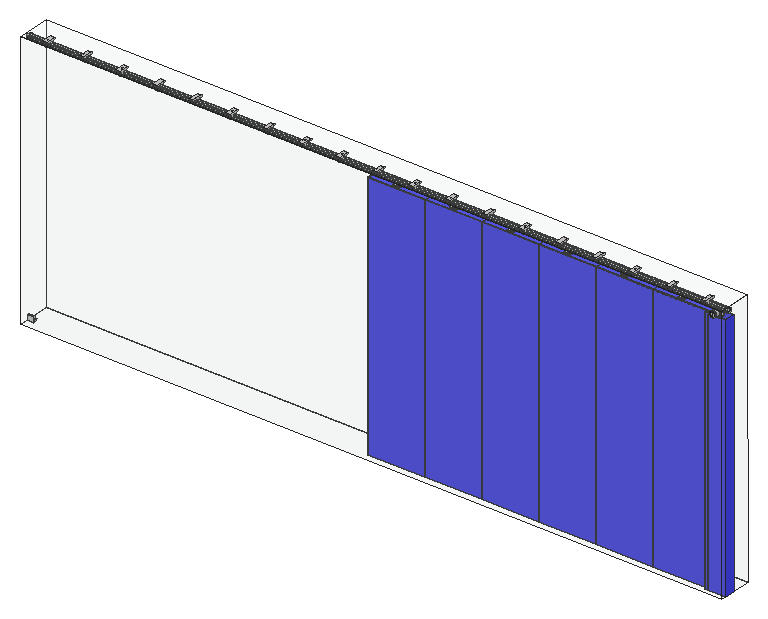
Revit family "Somati-System_SGS_Horizontal-fire-sliding-door_9050_ceiling_EI120_W-to-H-higher-than-1,3", category Doors, host Wall, Revit 2018
Family settings
  Host = Wall
  OmniClass Number = 23.30.10.00
  OmniClass Title = Doors
  Always vertical = Yes
  Cut with Voids When Loaded = No
  Shared = No
  Room Calculation Point = No
Parameters (values of type "EI 120")
  Youtube clip = "https://www.youtube.com/watch?v=pRjbxBvixFY&feature=emb_logo"
  Wing top offset [instance] = 136 mm  # constant formula
  Wing thickness = 81.2 mm
  Wing access (D) [instance] = [Width (W)] + 200 mm  # 5700 mm
  Width (W) [instance] = 5500 mm
  Weight Net (Kg) = "0"
  Uniformat II Description = ""
  Uniformat II Code = ""
  Uniclass 2015 Name = ""
  Uniclass 2015 Code = ""
  Uniclass 2.0 Description = ""
  Uniclass 2.0 Code = ""
  Uniclass 1.4 Description = ""
  Uniclass 1.4 Code = ""
  UNSPSC Code = ""
  Total height (Z) [instance] = Height Control + 302 mm  # 4302 mm
  Thickness = 0 mm
  Technical description = "https://somati-system.pl/en/download/sgs-download-en/"
  Region South America = "None"
  Region Oceania = "None"
  Region North America = "None"
  Region Middle East = "None"
  Region Europe = "AD, AL, AT, AX, BA, BE, BG, BY, CH, CY, CZ, DE, DK, EE, ES, FI, FO, FR, GB, GG, GI, GR, HR, HU, IE, IM, IS, IT, JE, LI, LT, LU, LV, MC, MD, ME, MK, MT, NL, NO, PL, PT, RO, RS, RU, SE, SI, SJ, SK, SM, UA, VA"
  Region Asia = "None"
  Region Antarctica = "None"
  Region Africa = "None"
  Rail and assembly materials [instance] = Somati - Stainless Steel - 7035
  QR code = "http://bimobject.com/somati-system/product/SGS_HORIZONTAL_FIRE_SLIDING_DOOR"
  Product url = "https://somati-system.pl/en/products/sgs-horizontal-fire-sliding-doors/"
  Product group = "SGS"
  Product family = "SGS"
  Product data url = "https://bimobject.com/somati-system/product/SGS_HORIZONTAL_FIRE_SLIDING_DOOR"
  Product certification = ""
  Product SKU = "SGS_HORIZONTAL_FIRE_SLIDING_DOOR"
  Product Guid = "8235eb12-0acf-4b60-9ca9-7613396e8d01"
  Power supply of control panel = "230V/50Hz/6A"  # constant formula
  Panel width [instance] = ([Width (W)] + 205 mm) / Number of panels in wing  # 950.833 mm
  Panel material = Somati - Stainless Steel - Custom
  Panel height [instance] = Height Control + Wing top offset  # 4136 mm
  OmniClass Description = ""
  OmniClass Code = ""
  Offset Right [instance] = [Counterweight housing (A2)]  # 360 mm
  Offset Left [instance] = [Counterweight housing (A2)]  # 360 mm
  Number of panels in wing [instance] = roundup([Width (W)] / 1000 mm)  # 6
  Number of hangers [instance] = ([Guide rail length (K)] - 210 mm) / 600 mm  # 19
  Nominal width = 0 mm
  Nominal height = 0 mm
  NBS Reference Description = ""
  NBS Reference Code = ""
  Model = "SGS"  # constant formula
  Max number of opening cycles = 50000  # constant formula
  Material secondary = "Composite"
  Material main = "Steel"
  Masterformat 2014 Description = ""
  Masterformat 2014 Code = ""
  Manufacturer name = "Somati System"
  Manufacturer country = "Poland"
  Manufacturer = "Somati System"  # constant formula
  Installation instructions = ""
  IFC Classification = ""
  Height Control [instance] = if([Height (H)] < 3501 mm, 3501 mm, [Height (H)])  # 4000 mm
  Height (H) [instance] = 4000 mm
  Guide rail lower edge (B1) [instance] = Height Control + 170 mm  # 4170 mm
  Guide rail length (K) [instance] = [Wing access (D)] + [Width (W)] + [Counterweight housing (A2)]  # 11560 mm
  Gate Control type = "Electromagnetic brake"  # constant formula
  GTIN code = ""
  Function = Interior
  Height = 2000 mm
  Wall Closure = By host
  Width = 1000 mm
  Fire resistance = "EI 60, EI 120 n"  # constant formula
  Edition number = 1
  Design country = "Poland"
  Date of publishing = ""
  Counterweight housing (A2) [instance] = if([Width (W)] / Height Control > 1.3, 360 mm, 210 mm)  # 360 mm
  Console mounting axis (B2) [instance] = if(Height Control > 3500 mm, Height Control + 239 mm, Height Control + 179 mm)  # 4239 mm
  Clearance Area Visibility [instance] = yes
  COBIe Type Category = ""
  Buffer (A1) [instance] = [Wing access (D)] + 130 mm  # 5830 mm
  Brand url = ""
  BIMobject main category code = "doors"
  BIMobject main category = "Doors"
  BIMobject category code = "doors-fire"
  BIMobject category = "Fire Doors & Shutters"
  Available surface fnish = "Galvanized Stainless Steel PVC, MDF, HDF, laminate or veneer, STANDARD RAL 7035, 9002, 9006, 9010, and powder coating of whole RAL pallet"  # constant formula
Reference planes
  plane 1: y = 0
  plane 2 "Center (Left/Right)": x = 0
  plane 3 "Left": x = -2750
  plane 4 "Right": x = 2750
  plane 5 "Cutout height": z = 4000
  plane 6 "Exterior": y = 150
  plane 7 "Interior": y = -150
  plane 8 "Consoles mounting axis": z = 4239
  plane 9 "Total height top": z = 4302
  plane 10 "Guide rail bottom": z = 4170
  plane 11 "Wing access": x = -8450
  plane 12 "Buffer placement": x = -8580
  plane 13 "Counterweight housing": x = 3110
  plane 14 "Handle": z = 1050
  plane 15 "Wing end left": x = -2895
  plane 16 "Wing end top": z = 4136
  plane 17 "Wing end right": x = 2810
  plane 18: y = -324
  plane 19 "Wing axis": y = -237.5
  plane 20: y = -75
  plane 21 "aaa": y = -196.9
  plane 22: y = -278.1
  plane 23: x = -2897
  plane 24 "end of hangers": x = -8240
  plane 25: x = -1040
  plane 26: x = -2795
  plane 27: y = -303.1
  plane 28: y = -159.9
  plane 29: x = -8764.5
  plane 30: x = 3110
  plane 31: z = 4202
  plane 32: x = 2960
  plane 33: y = -406.482
Forms (mm)
  Sweep 1, solid
    path origin (0, -150, 0) x (1, 0, 0) y (0, 0, 1)
      loop
        line (-2750, 0) -> (-2750, 3982) -> (2750, 3982)
    profile origin (-2750, -150, 1991) x (-1, 0, 0) y (0, -1, 0)
      loop
        line (5, 33) -> (5, 4)
        arc (5, 4) -> (6.172, 1.172) -> (9, 0) r 4
        line (9, 0) -> (107.587, 0)
        arc (107.587, 0) -> (110.415, 1.172) -> (111.587, 4) r 4
        line (111.587, 4) -> (111.587, 29)
        arc (111.587, 29) -> (112.173, 30.414) -> (113.587, 31) r 2
        line (113.587, 31) -> (134.587, 31) -> (134.587, 33) -> (5, 33)
  Sweep 2, solid, material "Somati - Stainless Steel - Custom" <- "Panel material"
    path origin (0, -150, 0) x (1, 0, 0) y (0, 0, 1)
      loop
        line (-2895, 4136) -> (-2895, 0)
    profile origin (-2895, -150, 2068) x (0, -1, 0) y (1, 0, 0)
      loop
        arc (9.9, 2) -> (11.072, -0.828) -> (13.9, -2) r 4
        line (13.9, -2) -> (126.1, -2)
        arc (126.1, -2) -> (128.928, -0.828) -> (130.1, 2) r 4
        line (130.1, 2) -> (130.1, 13) -> (128.1, 13) -> (128.1, 2)
        arc (128.1, 2) -> (127.514, 0.586) -> (126.1, 0) r 2
        line (126.1, 0) -> (13.9, 0)
        arc (13.9, 0) -> (12.486, 0.586) -> (11.9, 2) r 2
        line (11.9, 2) -> (11.9, 23) -> (9.9, 23) -> (9.9, 2)
  Sweep 3, solid, material "Somati - Stainless Steel - Custom" <- "Panel material"
    path origin (0, -150, 0) x (1, 0, 0) y (0, 0, 1)
      loop
        line (-2897, 4136) -> (2810, 4136)
    profile origin (-43.5, -150, 4136) x (0, 0, 1) y (0, -1, 0)
      loop
        line (-23, 19.5) -> (-23, 17.5) -> (-2, 17.5)
        arc (-2, 17.5) -> (0.828, 18.672) -> (2, 21.5) r 4
        line (2, 21.5) -> (2, 117.5) -> (0, 117.5) -> (0, 21.5)
        arc (0, 21.5) -> (-0.586, 20.086) -> (-2, 19.5) r 2
        line (-2, 19.5) -> (-23, 19.5)
  Sweep 4, solid, material "Somati - Stainless Steel - Custom" <- "Panel material"
    path origin (0, -150, 0) x (1, 0, 0) y (0, 0, 1)
      loop
        line (3110, 4136) -> (3110, 0)
    profile origin (3110, -150, 2068) x (0, -1, 0) y (1, 0, 0)
      loop
        line (174, -348) -> (174, 0) -> (0, 0) -> (0, -351) -> (33, -351) -> (33, -302) -> (137, -302) -> (137, -348) -> (174, -348)
      loop
        line (2, -300) -> (140, -300) -> (140, -345) -> (170, -345) -> (170, -3) -> (2, -3) -> (2, -300)
  Sweep 5, solid, material "Somati - Stainless Steel - 7035" <- "Rail and assembly materials"
    path origin (0, -150, -4.5) x (1, 0, 0) y (0, 0, 1)
      loop
        line (-8580, 4170) -> (3110, 4170)
    profile origin (-2735, -150, 4165.5) x (0, 0, 1) y (0, -1, 0)
      loop
        line (102.5, 57.25) -> (79.893, 57.25) -> (54.812, 63.938) -> (52.5, 66.25) -> (52.5, 77.75) -> (49.5, 77.75) -> (49.5, 67.628)
        arc (49.5, 67.628) -> (50.949, 63.363) -> (54.696, 60.864) r 7
        line (54.696, 60.864) -> (78.614, 54.486)
        arc (78.614, 54.486) -> (79.508, 54.309) -> (80.417, 54.25) r 7
        line (80.417, 54.25) -> (102.5, 54.25)
        arc (102.5, 54.25) -> (107.45, 56.3) -> (109.5, 61.25) r 7
        line (109.5, 61.25) -> (109.5, 112.25)
        arc (109.5, 112.25) -> (107.45, 117.2) -> (102.5, 119.25) r 7
        line (102.5, 119.25) -> (80.417, 119.25)
        arc (80.417, 119.25) -> (79.508, 119.191) -> (78.614, 119.014) r 7
        line (78.614, 119.014) -> (54.696, 112.636)
        arc (54.696, 112.636) -> (50.949, 110.137) -> (49.5, 105.872) r 7
        line (49.5, 105.872) -> (49.5, 95.75) -> (52.5, 95.75) -> (52.5, 107.25) -> (54.812, 109.562) -> (79.893, 116.25) -> (102.5, 116.25)
        arc (102.5, 116.25) -> (105.328, 115.078) -> (106.5, 112.25) r 4
        line (106.5, 112.25) -> (106.5, 61.25)
        arc (106.5, 61.25) -> (105.328, 58.422) -> (102.5, 57.25) r 4
  Extrusion 6, solid, material "Clearance Areas", visible <- "Clearance Area Visibility"
    sketch origin (-2209.467, 358.585, 220.701) x (1, 0, 0) y (0, 0, -1)
      loop
        line (-6370.533, 220.701) -> (-6370.533, -4081.299) -> (5319.467, -4081.299) -> (5319.467, 220.701) -> (-6370.533, 220.701)
    from -765.067 to -208.585
  Sweep 7, solid, material "Somati - Stainless Steel - Custom" <- "Panel material"
    path origin (0, -150, 0) x (1, 0, 0) y (0, 0, 1)
      loop
        line (2750, 0) -> (2750, 4136)
    profile origin (2750, -150, 2068) x (-1, 0, 0) y (0, -1, 0)
      loop
        line (-9, 0) -> (-9, 33) -> (-58, 33) -> (-58, 124) -> (-12, 124) -> (-12, 161) -> (-60, 161) -> (-60, 0) -> (-9, 0)
Lines and regions (mm)
  Opening 1
    outline origin (-3050, -150, 0) x (1, 0, 0) y (0, 0, 1)
      loop
        line (300, 0) -> (5800, 0) -> (5800, 4000) -> (300, 4000) -> (300, 0)
Text (mm)
  text "Exterior" at (-2295.016, 1099.543, 0), in view "Ref. Level"
  text "Exterior" at (0, 1615.38, 3698.081), in view "Left"
  text "Exterior" at (0, 1036.032, 3874.932), in view "Right"
Dimensions and locks
  equal spacing: plane 3 "Left", plane 2 "Center (Left/Right)", plane 4 "Right"
  "Width (W)": plane 3 "Left" to plane 4 "Right"
  "Height Control": plane 5 "Cutout height" to host wall
  host wall to plane 5 "Cutout height" = 4000 mm  (x2)
  locked: plane 6 "Exterior" to host wall at 0
  locked: plane 7 "Interior" to host wall
  "Total height (Z)": plane 9 "Total height top" to level
  "Console mounting axis (B2)": plane 8 "Consoles mounting axis" to level
  "Guide rail lower edge (B1)": plane 10 "Guide rail bottom" to level
  "Buffer (A1)": plane 12 "Buffer placement" to plane 3 "Left"
  "Counterweight housing (A2)": plane 4 "Right" to plane 13 "Counterweight housing"
  "Wing access (D)": plane 11 "Wing access" to plane 3 "Left"
  locked: plane 14 "Handle" to level at 1050
  equal spacing: plane 21 "aaa", plane 19 "Wing axis", plane 22
  equal spacing: group 1, group 6, group 14, group 17, group 18, group 2  (x3)
  locked: plane 4 "Right" to plane 17 "Wing end right" at 60
  "Wing top offset": plane 16 "Wing end top" to plane 5 "Cutout height"
  locked: plane 23 to plane 15 "Wing end left" at 2
  locked: Sweep 1 sketch curve to plane 5 "Cutout height" at 18
  locked: plane 24 "end of hangers" to plane 11 "Wing access" at 210
  equal spacing: group 4, group 25, group 24, group 23, group 22, group 21, group 20, group 19, group 16, group 15, group 13, group 12, group 11, group 10, group 9, group 8, group 7, group 5, group 3
  equal spacing: group 3, group 5, group 7, group 8, group 9, group 10, group 11, group 12, group 13, group 15, group 16, group 19, group 20, group 21, group 22, group 23, group 24, group 25, group 4  (x2)
  locked: plane 26 to plane 3 "Left" at 45
  locked: plane 28 to plane 21 "aaa" at 37
  locked: plane 22 to plane 27 at 25
  locked: plane 15 "Wing end left" to plane 3 "Left" at 145
  locked: Sweep 4 sketch curve to Sweep 4 sketch curve at 3
  "Offset Right": plane 4 "Right" to plane 30
  nested 4 to Sweep 5 = 3 mm
  locked: plane 19 "Wing axis" to host wall at 87.5
  locked: plane 31 to plane 16 "Wing end top" at 66
  equal spacing: plane 17 "Wing end right", plane 32, plane 30
  locked: host wall to plane 33 at 256.482
  aligned and locked: plane 3 "Left" to Opening 1 sketch curve
  aligned and locked: plane 5 "Cutout height" to Opening 1 sketch curve  (x2)
  aligned and locked: Opening 1 sketch curve to plane 4 "Right"
  aligned and locked: Opening 1 sketch curve to level
  aligned and locked: host wall to plane 1
  aligned and locked: nested 1 to plane 19 "Wing axis"
  aligned and locked: plane 15 "Wing end left" to nested 1
  aligned and locked: plane 17 "Wing end right" to nested 2
  aligned and locked: Sweep 1 sketch curve to plane 3 "Left"  (x2)
  aligned and locked: Sweep 1 sketch curve to plane 4 "Right"
  aligned and locked: level to Sweep 1 sketch curve
  aligned and locked: Sweep 2 sketch curve to plane 15 "Wing end left"
  aligned and locked: plane 16 "Wing end top" to Sweep 2 sketch curve
  aligned and locked: level to Sweep 2 sketch curve
  aligned and locked: Sweep 3 sketch curve to plane 16 "Wing end top"
  aligned and locked: Sweep 3 sketch curve to plane 23
  aligned and locked: Sweep 4 sketch curve to plane 16 "Wing end top"
  aligned and locked: plane 17 "Wing end right" to Sweep 3 sketch curve
  aligned and locked: nested 3 to plane 9 "Total height top"
  aligned and locked: nested 3 to plane 19 "Wing axis"
  aligned and locked: nested 3 to plane 4 "Right"
  aligned and locked: nested 4 to plane 24 "end of hangers"
  aligned and locked: nested 4 to plane 9 "Total height top"
  aligned and locked: plane 6 "Exterior" to Extrusion 6
  aligned and locked: plane 13 "Counterweight housing" to Extrusion 6
  aligned and locked: Extrusion 6 to plane 12 "Buffer placement"
  aligned and locked: plane 9 "Total height top" to Extrusion 6
  aligned and locked: nested 2 to plane 19 "Wing axis"
  aligned and locked: plane 19 "Wing axis" to nested 4
  aligned and locked: profile plane to Sweep 4 sketch curve
  aligned and locked: plane 17 "Wing end right" to Sweep 4 sketch curve
  aligned and locked: nested 6 to plane 19 "Wing axis"
  aligned and locked: nested 6 to plane 12 "Buffer placement"
  aligned and locked: Sweep 7 sketch curve to plane 4 "Right"
  aligned and locked: plane 16 "Wing end top" to Sweep 7 sketch curve
  aligned and locked: plane 30 to Sweep 5 sketch curve
  aligned and locked: nested 27 to plane 31
  aligned and locked: plane 19 "Wing axis" to nested 27
  aligned and locked: plane 32 to nested 27
  aligned and locked: Extrusion 6 to plane 33
  aligned and locked: plane 12 "Buffer placement" to Sweep 5 sketch curve
Automatic sketch dimensions
  Sweep 3 sketch curve to Sweep 3 sketch curve = 0 mm  (x2)
  profile plane to Sweep 3 sketch curve = 0 mm
  profile plane to Sweep 3 sketch curve = 2 mm
  Sweep 3 sketch curve to Sweep 3 sketch curve = 21 mm
  Sweep 3 sketch curve to Sweep 3 sketch curve = 2 mm
  plane 7 "Interior" to Sweep 3 sketch curve = 17.5 mm
  Sweep 3 sketch curve to Sweep 3 sketch curve = 96 mm
  Sweep 4 sketch curve to level = 0 mm
  Sweep 4 sketch curve to plane 13 "Counterweight housing" = 0 mm
  plane 7 "Interior" to Sweep 4 sketch curve = 0 mm
  plane 7 "Interior" to Sweep 4 sketch curve = 2 mm
  Sweep 4 sketch curve to Sweep 4 sketch curve = 31 mm
  Sweep 4 sketch curve to Sweep 4 sketch curve = 104 mm
  Sweep 4 sketch curve to Sweep 4 sketch curve = 3 mm  (x2)
  Sweep 4 sketch curve to Sweep 4 sketch curve = 30 mm
  Sweep 4 sketch curve to Sweep 4 sketch curve = 4 mm
  Sweep 4 sketch curve to Sweep 4 sketch curve = 2 mm
  Sweep 4 sketch curve to Sweep 4 sketch curve = 45 mm
  Sweep 4 sketch curve to Sweep 4 sketch curve = 49 mm
  Extrusion 6 sketch curve to plane 9 "Total height top" = 0 mm
  Extrusion 6 sketch curve to plane 12 "Buffer placement" = 0 mm
  Extrusion 6 sketch curve to plane 13 "Counterweight housing" = 0 mm
  Extrusion 6 sketch curve to level = 0 mm
  Sweep 7 sketch curve to plane 14 "Handle" = 1050 mm
  plane 7 "Interior" to Sweep 7 sketch curve = 0 mm
  profile plane to Sweep 7 sketch curve = 60 mm
  Sweep 7 sketch curve to Sweep 7 sketch curve = 2 mm
  profile plane to Sweep 7 sketch curve = 12 mm
  profile plane to Sweep 7 sketch curve = 9 mm
  plane 7 "Interior" to Sweep 7 sketch curve = 33 mm
  Sweep 7 sketch curve to Sweep 7 sketch curve = 91 mm
  Sweep 7 sketch curve to Sweep 7 sketch curve = 37 mm
  Sweep 5 sketch curve to plane 10 "Guide rail bottom" = 4.5 mm
  Sweep 5 sketch curve to Sweep 5 sketch curve = 0 mm  (x4)
  Sweep 5 sketch curve to profile plane = 49.5 mm  (x2)
  Sweep 5 sketch curve to Sweep 5 sketch curve = 3 mm  (x3)
  Sweep 5 sketch curve to Sweep 5 sketch curve = 2.196 mm  (x2)
  Sweep 5 sketch curve to Sweep 5 sketch curve = 0.115 mm  (x2)
  Sweep 5 sketch curve to Sweep 5 sketch curve = 1.688 mm  (x2)
  Sweep 5 sketch curve to Sweep 5 sketch curve = 23.917 mm  (x2)
  Sweep 5 sketch curve to Sweep 5 sketch curve = 1.279 mm  (x2)
  Sweep 5 sketch curve to Sweep 5 sketch curve = 0.524 mm  (x2)
  Sweep 5 sketch curve to Sweep 5 sketch curve = 22.083 mm  (x2)
  Sweep 5 sketch curve to Sweep 5 sketch curve = 4 mm  (x2)
  plane 7 "Interior" to Sweep 5 sketch curve = 54.25 mm
  Sweep 5 sketch curve to Sweep 5 sketch curve = 0.236 mm
  Sweep 5 sketch curve to Sweep 5 sketch curve = 6.378 mm  (x2)
  Sweep 5 sketch curve to Sweep 5 sketch curve = 3.074 mm  (x2)
  Sweep 5 sketch curve to Sweep 5 sketch curve = 2.312 mm
  Sweep 5 sketch curve to Sweep 5 sketch curve = 10.122 mm  (x2)
  Sweep 5 sketch curve to Sweep 5 sketch curve = 18 mm
  Sweep 5 sketch curve to Sweep 5 sketch curve = 1.378 mm
  plane 7 "Interior" to Sweep 1 sketch curve = 0 mm
  Sweep 1 sketch curve to profile plane = 5 mm
  Sweep 1 sketch curve to Sweep 1 sketch curve = 4 mm
  plane 7 "Interior" to Sweep 1 sketch curve = 4 mm
  Sweep 1 sketch curve to Sweep 1 sketch curve = 98.587 mm
  Sweep 1 sketch curve to Sweep 1 sketch curve = 2 mm
  Sweep 1 sketch curve to Sweep 1 sketch curve = 21 mm
  Sweep 1 sketch curve to Sweep 1 sketch curve = 25 mm
  Sweep 1 sketch curve to Sweep 1 sketch curve = 29 mm
  Sweep 2 sketch curve to Sweep 2 sketch curve = 0 mm  (x4)
  Sweep 2 sketch curve to profile plane = 0 mm
  Sweep 2 sketch curve to profile plane = 2 mm  (x2)
  plane 7 "Interior" to Sweep 2 sketch curve = 9.9 mm
  Sweep 2 sketch curve to Sweep 2 sketch curve = 2 mm
  Sweep 2 sketch curve to Sweep 2 sketch curve = 112.2 mm
  Sweep 2 sketch curve to Sweep 2 sketch curve = 11 mm
  Sweep 2 sketch curve to Sweep 2 sketch curve = 21 mm
Nested families
  nested 1: "Family2" at (-2419.583, -237.5, 0), Material <- "Panel material", Width <- "Panel width", Thickness <- "Wing thickness", Height <- "Panel height", type "Family2"
    with Width 950.833 mm, Thickness 81.2 mm, Material Somati - Stainless Steel - Custom, Height 4136 mm
  nested 2: "Family2" at (2334.583, -237.5, 0), Material <- "Panel material", Width <- "Panel width", Thickness <- "Wing thickness", Height <- "Panel height", type "Family2"
    with Width 950.833 mm, Thickness 81.2 mm, Material Somati - Stainless Steel - Custom, Height 4136 mm
  nested 3: "Family3" at (2716, -237.5, 4302) x (0, 1, 0) z (1, 0, 0), type "Family3", detail levels medium+fine
  nested 4: "Family3" at (-8274, -237.5, 4302) x (0, 1, 0) z (1, 0, 0), type "Family3", detail levels medium+fine
  nested 5: "Family3" at (2105.444, -237.5, 4302) x (0, 1, 0) z (1, 0, 0), type "Family3", detail levels medium+fine
  nested 6: "Stopper" at (-8530.037, -237.5, 0), type "Stopper", detail levels medium+fine
  nested 7: "Family2" at (-1468.75, -237.5, 0), Material <- "Panel material", Width <- "Panel width", Thickness <- "Wing thickness", Height <- "Panel height", type "Family2"
    with Width 950.833 mm, Thickness 81.2 mm, Material Somati - Stainless Steel - Custom, Height 4136 mm
  nested 8: "Family3" at (1494.889, -237.5, 4302) x (0, 1, 0) z (1, 0, 0), type "Family3", detail levels medium+fine
  nested 9: "Family3" at (884.333, -237.5, 4302) x (0, 1, 0) z (1, 0, 0), type "Family3", detail levels medium+fine
  nested 10: "Family3" at (273.778, -237.5, 4302) x (0, 1, 0) z (1, 0, 0), type "Family3", detail levels medium+fine
  nested 11: "Family3" at (-336.778, -237.5, 4302) x (0, 1, 0) z (1, 0, 0), type "Family3", detail levels medium+fine
  nested 12: "Family3" at (-947.333, -237.5, 4302) x (0, 1, 0) z (1, 0, 0), type "Family3", detail levels medium+fine
  nested 13: "Family3" at (-1557.889, -237.5, 4302) x (0, 1, 0) z (1, 0, 0), type "Family3", detail levels medium+fine
  nested 14: "Family3" at (-2168.444, -237.5, 4302) x (0, 1, 0) z (1, 0, 0), type "Family3", detail levels medium+fine
  nested 15: "Family2" at (-517.917, -237.5, 0), Material <- "Panel material", Width <- "Panel width", Thickness <- "Wing thickness", Height <- "Panel height", type "Family2"
    with Width 950.833 mm, Thickness 81.2 mm, Material Somati - Stainless Steel - Custom, Height 4136 mm
  nested 16: "Family3" at (-2779, -237.5, 4302) x (0, 1, 0) z (1, 0, 0), type "Family3", detail levels medium+fine
  nested 17: "Family3" at (-3389.556, -237.5, 4302) x (0, 1, 0) z (1, 0, 0), type "Family3", detail levels medium+fine
  nested 18: "Family2" at (432.917, -237.5, 0), Material <- "Panel material", Width <- "Panel width", Thickness <- "Wing thickness", Height <- "Panel height", type "Family2"
    with Width 950.833 mm, Thickness 81.2 mm, Material Somati - Stainless Steel - Custom, Height 4136 mm
  nested 19: "Family2" at (1383.75, -237.5, 0), Material <- "Panel material", Width <- "Panel width", Thickness <- "Wing thickness", Height <- "Panel height", type "Family2"
    with Width 950.833 mm, Thickness 81.2 mm, Material Somati - Stainless Steel - Custom, Height 4136 mm
  nested 20: "Family3" at (-4000.111, -237.5, 4302) x (0, 1, 0) z (1, 0, 0), type "Family3", detail levels medium+fine
  nested 21: "Family3" at (-4610.667, -237.5, 4302) x (0, 1, 0) z (1, 0, 0), type "Family3", detail levels medium+fine
  nested 22: "Family3" at (-5221.222, -237.5, 4302) x (0, 1, 0) z (1, 0, 0), type "Family3", detail levels medium+fine
  nested 23: "Family3" at (-5831.778, -237.5, 4302) x (0, 1, 0) z (1, 0, 0), type "Family3", detail levels medium+fine
  nested 24: "Family3" at (-6442.333, -237.5, 4302) x (0, 1, 0) z (1, 0, 0), type "Family3", detail levels medium+fine
  nested 25: "Family3" at (-7052.889, -237.5, 4302) x (0, 1, 0) z (1, 0, 0), type "Family3", detail levels medium+fine
  nested 26: "Family3" at (-7663.444, -237.5, 4302) x (0, 1, 0) z (1, 0, 0), type "Family3", detail levels medium+fine
  nested 27: "brake" at (2960, -237.5, 4181.165) x (1, 0, 0) z (0, -1, 0), type "brake"
Definition of nested family "Family2"
  Parameters (values of type "Family2")
    Width [instance] = 349.761 mm
    Thickness [instance] = 117.742 mm
    Material [instance] = none
    Height [instance] = 398.765 mm
    Hardware material = none
  Reference planes
    plane 1 "Center (Front/Back)": y = 0
    plane 2: z = 0
    plane 3 "Center (Left/Right)": x = 0
    plane 4: x = -174.88
    plane 5: x = 174.88
    plane 6: y = 58.871
    plane 7: y = -58.871
    plane 8: z = 398.765
  Forms (mm)
    Extrusion 1, solid, material <- "Material"
      sketch origin (0, 0, 0) x (1, 0, 0) y (0, 1, 0)
        loop
          line (-174.88, -58.871) -> (174.88, -58.871) -> (174.88, 58.871) -> (-174.88, 58.871) -> (-174.88, -58.871)
      from 0 to 398.765
  Dimensions and locks
    equal spacing: plane 4, plane 3 "Center (Left/Right)", plane 5
    "Width": plane 4 to plane 5
    equal spacing: plane 6, plane 1 "Center (Front/Back)", plane 7
    "Thickness": plane 6 to plane 7
    "Height": plane 8 to plane 2
    aligned and locked: level to plane 2
    aligned and locked: plane 6 to Extrusion 1
    aligned and locked: Extrusion 1 to plane 7
    aligned and locked: Extrusion 1 to plane 4
    aligned and locked: plane 5 to Extrusion 1
    aligned and locked: plane 6 to Extrusion 1 sketch curve
    aligned and locked: Extrusion 1 sketch curve to plane 7
    aligned and locked: Extrusion 1 sketch curve to plane 4
    aligned and locked: plane 5 to Extrusion 1 sketch curve
    aligned and locked: plane 8 to Extrusion 1
    aligned and locked: plane 3 "Center (Left/Right)" to nested 1
    aligned and locked: plane 1 "Center (Front/Back)" to nested 1
    aligned and locked: nested 1 to plane 8
  Nested families
    nested 1: "Family1" at (0, 0, 491.765), type "Family1", detail levels medium+fine
  Definition of nested family "Family1"
    Parameters (values of type "Family1")
      Material = none
    Reference planes
      plane 1 "Center (Front/Back)": y = 0
      plane 2: z = 0
      plane 3 "Center (Left/Right)": x = 0
      plane 4: y = 1.5
      plane 5: y = -1.5
      plane 6: z = -93
    Forms (mm)
      Extrusion 1, solid, material <- "Material"
        sketch origin (0, 0, 0) x (0, 1, 0) y (0, 0, 1)
          loop
            arc (-4, -26) -> (0.101, -35.899) -> (10, -40) r 14
            line (10, -40) -> (12, -40)
            arc (12, -40) -> (16.243, -41.757) -> (18, -46) r 6
            line (18, -46) -> (18, -48)
            arc (18, -48) -> (16.243, -52.243) -> (12, -54) r 6
            line (12, -54) -> (-34, -54) -> (-34, -62) -> (12, -62)
            arc (12, -62) -> (21.899, -57.899) -> (26, -48) r 14
            line (26, -48) -> (26, -46)
            arc (26, -46) -> (21.899, -36.101) -> (12, -32) r 14
            line (12, -32) -> (10, -32)
            arc (10, -32) -> (5.757, -30.243) -> (4, -26) r 6
            line (4, -26) -> (4, 38) -> (-4, 38) -> (-4, -26)
        from -55 to 55
      Revolve 2, solid, material <- "Material"
        sketch origin (0, 0, 0) x (1, 0, 0) y (0, 0, 1)
          loop
            line (0, -184) -> (8.5, -184) -> (10, -182.5) -> (10, -94) -> (12.375, -94)
            arc (12.375, -94) -> (14.57, -93.613) -> (16.5, -92.5) r 6.422
            line (16.5, -92.5) -> (16.5, -86)
            arc (16.5, -86) -> (14.667, -84.526) -> (12.375, -84) r 5.254
            line (12.375, -84) -> (10, -84) -> (10, -75) -> (12.375, -75)
            arc (12.375, -75) -> (14.57, -74.613) -> (16.5, -73.5) r 6.422
            line (16.5, -73.5) -> (16.5, -67)
            arc (16.5, -67) -> (14.667, -65.526) -> (12.375, -65) r 5.254
            line (12.375, -65) -> (20, -65) -> (20, -62) -> (0, -62) -> (0, -184)
          loop
            line (16.5, -54) -> (16.5, -43)
            arc (16.5, -43) -> (14.667, -41.526) -> (12.375, -41) r 5.254
            line (12.375, -41) -> (0, -41) -> (0, -54) -> (16.5, -54)
          axis (0, -184) -> (0, -41)
        angle from 0 to 360
      Extrusion 3, void
        sketch origin (0, 0, 23) x (1, 0, 0) y (0, 0, 1)
          loop
            arc (-55, -28.637) -> (0, 15) -> (55, -28.637) r 56.479
            line (55, -28.637) -> (55, 17.5) -> (-55, 17.5) -> (-55, -28.637)
        from -23 to 30.5
      Extrusion 4, solid, material <- "Material"
        sketch origin (25, 0, 12.612) x (1, 0, 0) y (0, 0, 1)
          loop
            circle (70, 0) r 9
        from -7 to -3
      Extrusion 5, solid, material <- "Material"
        sketch origin (25, 0, 12.612) x (1, 0, 0) y (0, 0, -1)
          loop
            circle (70, -1.528) r 25
        from -22 to -9
      Sweep 6, void
        path in 3D
          loop
            arc (70, -9, 14.141) -> (95, -9, -10.859) -> (120, -9, 14.141) r 25
            arc (120, -9, 14.141) -> (95, -9, 39.141) -> (70, -9, 14.141) r 25
        profile origin (95, -9, 39.141) x (0, 0, 1) y (0, 1, 0)
          loop
            line (-1.5, 0) -> (0, -1.5) -> (0.954, -0.546) -> (-0.546, 0.954) -> (-1.5, 0)
      Extrusion 7, solid, material <- "Material"
        sketch origin (25, 0, 12.612) x (1, 0, 0) y (0, 0, -1)
          loop
            circle (70, 0) r 9
        from -7 to -3
      Extrusion 8, solid, material <- "Material"
        sketch origin (-25, 0, 12.612) x (-1, 0, 0) y (0, 0, -1)
          loop
            circle (70, 0) r 9
        from -9 to -1.5
      Extrusion 9, solid, material <- "Material"
        sketch origin (-25, 0, 12.612) x (-1, 0, 0) y (0, 0, 1)
          loop
            circle (70, 0) r 9
        from -9 to -1.5
      Extrusion 10, solid, material <- "Material"
        sketch origin (0, 0, 0) x (1, 0, 0) y (0, 0, 1)
          loop
            line (114, 38) -> (-114, 38)
            arc (-114, 38) -> (-118.243, 36.243) -> (-120, 32) r 6
            line (-120, 32) -> (-120, -6)
            arc (-120, -6) -> (-118.243, -10.243) -> (-114, -12) r 6
            line (-114, -12) -> (-70, -12) -> (-70, -4) -> (-24.592, -4) -> (24.592, -4) -> (70, -4) -> (70, -12) -> (114, -12)
            arc (114, -12) -> (118.243, -10.243) -> (120, -6) r 6
            line (120, -6) -> (120, 32)
            arc (120, 32) -> (118.243, 36.243) -> (114, 38) r 6
        from -1.5 to 1.5
      Revolve 11, solid, material <- "Material"
        sketch origin (0, 0, 0) x (0, 1, 0) y (0, 0, 1)
          loop
            arc (-22.5, -52.2) -> (-24.522, -52.351) -> (-26.5, -52.8) r 13.633
            line (-26.5, -52.8) -> (-26.5, -54) -> (-22.5, -54) -> (-22.5, -52.2)
          axis (-22.5, -54) -> (-22.5, -52.2)
        angle from 0 to 360
      Sweep 12, void
        path in 3D
          loop
            arc (70, -22, 14.141) -> (95, -22, -10.859) -> (120, -22, 14.141) r 25
            arc (120, -22, 14.141) -> (95, -22, 39.141) -> (70, -22, 14.141) r 25
        profile origin (95, -22, 39.141) x (0, 0, -1) y (0, -1, 0)
          loop
            line (1.5, 0) -> (0.546, 0.954) -> (-0.954, -0.546) -> (0, -1.5) -> (1.5, 0)
      Extrusion 13, solid, material <- "Material"
        sketch origin (25, 0, 12.612) x (1, 0, 0) y (0, 0, 1)
          loop
            circle (70, 1.528) r 25
        from -22 to -9
      Sweep 14, void
        path in 3D
          loop
            arc (120, 9, 14.141) -> (95, 9, -10.859) -> (70, 9, 14.141) r 25
            arc (70, 9, 14.141) -> (95, 9, 39.141) -> (120, 9, 14.141) r 25
        profile origin (95, 9, 39.141) x (0, 0, 1) y (0, -1, 0)
          loop
            line (-1.5, 0) -> (0, -1.5) -> (0.954, -0.546) -> (-0.546, 0.954) -> (-1.5, 0)
      Sweep 15, void
        path in 3D
          loop
            arc (70, 22, 14.141) -> (95, 22, -10.859) -> (120, 22, 14.141) r 25
            arc (120, 22, 14.141) -> (95, 22, 39.141) -> (70, 22, 14.141) r 25
        profile origin (95, 22, 39.141) x (0, 0, 1) y (0, 1, 0)
          loop
            line (-1.5, 0) -> (0, -1.5) -> (0.954, -0.546) -> (-0.546, 0.954) -> (-1.5, 0)
      Extrusion 16, solid, material <- "Material"
        sketch origin (-25, 0, 12.612) x (-1, 0, 0) y (0, 0, -1)
          loop
            circle (70, 0) r 9
        from -9 to -3
      Extrusion 17, solid, material <- "Material"
        sketch origin (-25, 0, 12.612) x (-1, 0, 0) y (0, 0, 1)
          loop
            circle (70, 1.528) r 25
        from -22 to -9
      Sweep 18, void
        path in 3D
          loop
            arc (-120, -9, 14.141) -> (-95, -9, -10.859) -> (-70, -9, 14.141) r 25
            arc (-70, -9, 14.141) -> (-95, -9, 39.141) -> (-120, -9, 14.141) r 25
        profile origin (-95, -9, 39.141) x (0, 0, 1) y (0, 1, 0)
          loop
            line (-1.5, 0) -> (0, -1.5) -> (0.954, -0.546) -> (-0.546, 0.954) -> (-1.5, 0)
      Extrusion 19, solid, material <- "Material"
        sketch origin (-25, 0, 12.612) x (-1, 0, 0) y (0, 0, 1)
          loop
            circle (70, 0) r 9
        from -9 to -3
      Sweep 20, void
        path in 3D
          loop
            arc (-70, -22, 14.141) -> (-95, -22, -10.859) -> (-120, -22, 14.141) r 25
            arc (-120, -22, 14.141) -> (-95, -22, 39.141) -> (-70, -22, 14.141) r 25
        profile origin (-95, -22, 39.141) x (0, 0, 1) y (0, -1, 0)
          loop
            line (-1.5, 0) -> (0, -1.5) -> (0.954, -0.546) -> (-0.546, 0.954) -> (-1.5, 0)
      Extrusion 21, solid, material <- "Material"
        sketch origin (-25, 0, 12.612) x (-1, 0, 0) y (0, 0, -1)
          loop
            circle (70, -1.528) r 25
        from -22 to -9
      Sweep 22, void
        path in 3D
          loop
            arc (-70, 9, 14.141) -> (-95, 9, -10.859) -> (-120, 9, 14.141) r 25
            arc (-120, 9, 14.141) -> (-95, 9, 39.141) -> (-70, 9, 14.141) r 25
        profile origin (-95, 9, 39.141) x (0, 0, 1) y (0, -1, 0)
          loop
            line (-1.5, 0) -> (0, -1.5) -> (0.954, -0.546) -> (-0.546, 0.954) -> (-1.5, 0)
      Sweep 23, void
        path in 3D
          loop
            arc (-70, 22, 14.141) -> (-95, 22, -10.859) -> (-120, 22, 14.141) r 25
            arc (-120, 22, 14.141) -> (-95, 22, 39.141) -> (-70, 22, 14.141) r 25
        profile origin (-95, 22, 39.141) x (0, 0, -1) y (0, 1, 0)
          loop
            line (1.5, 0) -> (0.546, 0.954) -> (-0.954, -0.546) -> (0, -1.5) -> (1.5, 0)
    Cuts and joins
      Extrusion 3 cuts Extrusion 1
      Sweep 6, Sweep 12, Sweep 14, Sweep 15, Sweep 18, Sweep 20 cuts Extrusion 5
      Sweep 14, Sweep 15, Sweep 22, Sweep 23 cuts Extrusion 13
      Sweep 18, Sweep 20 cuts Extrusion 17
      Sweep 22, Sweep 23 cuts Extrusion 21
    Lines and regions (mm)
      sketch lines
        curve 1: arc (120, -9, 14.141) -> (95, -9, 39.141) -> (70, -9, 14.141) r 25
        curve 2: arc (70, -9, 14.141) -> (95, -9, -10.859) -> (120, -9, 14.141) r 25
        curve 3: arc (120, -22, 14.141) -> (95, -22, 39.141) -> (70, -22, 14.141) r 25
        curve 4: arc (70, -22, 14.141) -> (95, -22, -10.859) -> (120, -22, 14.141) r 25
        curve 5: arc (70, 9, 14.141) -> (95, 9, 39.141) -> (120, 9, 14.141) r 25
        curve 6: arc (120, 9, 14.141) -> (95, 9, -10.859) -> (70, 9, 14.141) r 25
        curve 7: arc (120, 22, 14.141) -> (95, 22, 39.141) -> (70, 22, 14.141) r 25
        curve 8: arc (70, 22, 14.141) -> (95, 22, -10.859) -> (120, 22, 14.141) r 25
        curve 9: arc (-70, -9, 14.141) -> (-95, -9, 39.141) -> (-120, -9, 14.141) r 25
        curve 10: arc (-120, -9, 14.141) -> (-95, -9, -10.859) -> (-70, -9, 14.141) r 25
        curve 11: arc (-120, -22, 14.141) -> (-95, -22, 39.141) -> (-70, -22, 14.141) r 25
        curve 12: arc (-70, -22, 14.141) -> (-95, -22, -10.859) -> (-120, -22, 14.141) r 25
        curve 13: arc (-120, 9, 14.141) -> (-95, 9, 39.141) -> (-70, 9, 14.141) r 25
        curve 14: arc (-70, 9, 14.141) -> (-95, 9, -10.859) -> (-120, 9, 14.141) r 25
        curve 15: arc (-120, 22, 14.141) -> (-95, 22, 39.141) -> (-70, 22, 14.141) r 25
        curve 16: arc (-70, 22, 14.141) -> (-95, 22, -10.859) -> (-120, 22, 14.141) r 25
    Dimensions and locks
      aligned and locked: level to plane 2
Definition of nested family "Family3"
  Parameters (values of type "Family3")
    Material = none
    Default Elevation = 1219.2 mm
  Reference planes
    plane 1 "Center (Front/Back)": y = 0
    plane 2: z = 0
    plane 3 "Center (Left/Right)": x = 0
    plane 4: z = 34
    plane 5: y = -35.027
  Forms (mm)
    Extrusion 1, solid, material <- "Material"
      sketch origin (-42.203, -131.551, 0) x (1, 0, 0) y (0, 1, 0)
        loop
          line (127.203, 121.551) -> (127.203, 131.551) -> (-42.797, 131.551) -> (-42.797, 121.551) -> (-42.797, 113.551) -> (11.703, 113.551)
          arc (11.703, 113.551) -> (4.632, 110.622) -> (1.703, 103.551) r 10
          line (1.703, 103.551) -> (1.703, 69.862)
          arc (1.703, 69.862) -> (1.787, 68.562) -> (2.04, 67.285) r 10
          line (2.04, 67.285) -> (7.723, 45.974)
          arc (7.723, 45.974) -> (11.293, 40.621) -> (17.385, 38.551) r 10
          line (17.385, 38.551) -> (29.703, 38.551) -> (29.703, 44.551) -> (17.385, 44.551)
          arc (17.385, 44.551) -> (14.948, 45.379) -> (13.52, 47.52) r 4
          line (13.52, 47.52) -> (7.838, 68.831)
          arc (7.838, 68.831) -> (7.737, 69.342) -> (7.703, 69.862) r 4
          line (7.703, 69.862) -> (7.703, 103.551)
          arc (7.703, 103.551) -> (8.874, 106.38) -> (11.703, 107.551) r 4
          line (11.703, 107.551) -> (72.703, 107.551)
          arc (72.703, 107.551) -> (75.531, 106.38) -> (76.703, 103.551) r 4
          line (76.703, 103.551) -> (76.703, 69.862)
          arc (76.703, 69.862) -> (76.669, 69.342) -> (76.568, 68.831) r 4
          line (76.568, 68.831) -> (70.885, 47.52)
          arc (70.885, 47.52) -> (69.457, 45.379) -> (67.02, 44.551) r 4
          line (67.02, 44.551) -> (54.703, 44.551) -> (54.703, 38.551) -> (67.02, 38.551)
          arc (67.02, 38.551) -> (73.112, 40.621) -> (76.682, 45.974) r 10
          line (76.682, 45.974) -> (82.365, 67.285)
          arc (82.365, 67.285) -> (82.618, 68.562) -> (82.703, 69.862) r 10
          line (82.703, 69.862) -> (82.703, 103.551)
          arc (82.703, 103.551) -> (79.774, 110.622) -> (72.703, 113.551) r 10
          line (72.703, 113.551) -> (127.203, 113.551) -> (127.203, 121.551)
      from 0 to 68
  Dimensions and locks
    aligned and locked: level to plane 2
Definition of nested family "Stopper"
  Parameters (values of type "Stopper")
    Material = none
  Reference planes
    plane 1 "Center (Front/Back)": y = 0
    plane 2: z = 0
    plane 3 "Center (Left/Right)": x = 0
  Forms (mm)
    Extrusion 1, solid
      sketch origin (0, -69.316, 40.1) x (1, 0, 0) y (0, 1, 0)
        loop
          line (-49.963, 50.816) -> (50, 50.816) -> (50, 87.816) -> (-49.963, 87.816) -> (-49.963, 50.816)
      from -40 to 40
    Revolve 2, solid, material <- "Material"
      sketch origin (0, -18.5, 40.1) x (1, 0, 0) y (0, 1, 0)
        loop
          line (50, 36.9) -> (50, 18.5) -> (67.112, 18.5) -> (67.112, 36.9) -> (50, 36.9)
        axis (50, 18.5) -> (67.112, 18.5)
      angle from 0 to 360
  Dimensions and locks
    aligned and locked: level to plane 2
Definition of nested family "brake"
  Parameters (values of type "brake")
    Material = none
    Default Elevation = 1219.2 mm
  Reference planes
    plane 1 "Center (Front/Back)": y = 0
    plane 2: z = 0
    plane 3 "Center (Left/Right)": x = 0
    plane 4: z = 0
  Forms (mm)
    Revolve 1, solid, material <- "Material", detail levels medium+fine
      sketch origin (-1.83, 20.835, 169) x (0, 1, 0) y (0, 0, -1)
        loop
          line (0, 113.55) -> (0, 0) -> (43.75, 0)
          arc (43.75, 0) -> (44.457, 0.293) -> (44.75, 1) r 1
          line (44.75, 1) -> (44.75, 14.373) -> (47.25, 17.352) -> (47.25, 76) -> (45.25, 78) -> (47.5, 78) -> (47.5, 81) -> (21.5, 81) -> (21.5, 89.5)
          arc (21.5, 89.5) -> (21.207, 90.207) -> (20.5, 90.5) r 1
          line (20.5, 90.5) -> (12.5, 90.5) -> (12.5, 93.55) -> (23, 93.55) -> (23, 95.3) -> (48, 95.3) -> (48, 97.8) -> (43.067, 101.346) -> (48, 104.8) -> (48, 107.3) -> (23, 107.3) -> (23, 109.05) -> (12, 109.05) -> (12, 110.55) -> (6, 110.55) -> (6, 112.55) -> (5, 113.55) -> (0, 113.55)
        axis (0, 113.55) -> (0, 0)
      angle from 0 to 360
    Revolve 2, solid, material <- "Material", detail levels medium+fine
      sketch origin (-49.158, 19.721, 169) x (0, 1, 0) y (0, 0, -1)
        loop
          line (-40, 180) -> (-40, 139.5) -> (-30.5, 139.5) -> (-29.03, 140.349) -> (-29.03, 147.5) -> (-26.5, 147.5) -> (-26.5, 150) -> (-33.5, 150) -> (-33.5, 153) -> (-28, 153) -> (-28, 155) -> (-12.5, 155) -> (-12.5, 157) -> (-16.068, 158.552)
          arc (-16.068, 158.552) -> (-18, 161.5) -> (-16.068, 164.448) r 3.214
          line (-16.068, 164.448) -> (-12.5, 166) -> (-12.5, 168) -> (-28, 168) -> (-28, 170) -> (-30.5, 170) -> (-29.03, 170.849) -> (-29.03, 178) -> (-30.5, 178.849) -> (-33.899, 178.849) -> (-35.05, 180) -> (-40, 180)
        axis (-40, 180) -> (-40, 139.5)
      angle from 0 to 360
    Revolve 3, solid, material <- "Material", detail levels medium+fine
      sketch origin (53.17, 20.835, 169) x (0, 1, 0) y (0, 0, -1)
        loop
          line (-7.5, 169) -> (33, 169) -> (33, 173.95) -> (31.95, 175) -> (3, 175) -> (3, 182.5) -> (0.5, 182.5) -> (0.5, 179.97) -> (-6.651, 179.97) -> (-7.5, 178.5) -> (-7.5, 169)
        axis (-7.5, 169) -> (33, 169)
      angle from 0 to 360
    Extrusion 4, solid, material <- "Material"
      sketch origin (-1.83, 20.835, 169) x (0, 1, 0) y (0, 0, -1)
        loop
          arc (3, 154.5) -> (2.561, 153.439) -> (1.5, 153) r 1.5
          line (1.5, 153) -> (-56, 153)
          arc (-56, 153) -> (-58.121, 152.121) -> (-59, 150) r 3
          line (-59, 150) -> (-59, 81)
          arc (-59, 81) -> (-58.121, 78.879) -> (-56, 78) r 3
          line (-56, 78) -> (47.5, 78) -> (47.5, 81) -> (-56, 81) -> (-56, 150) -> (1.5, 150)
          arc (1.5, 150) -> (4.682, 151.318) -> (6, 154.5) r 4.5
          line (6, 154.5) -> (6, 187) -> (3, 187) -> (3, 154.5)
      from -70 to 70
    Revolve 5, solid, material <- "Material", detail levels medium+fine
      sketch origin (-56.83, 20.835, 169) x (0, 1, 0) y (0, 0, 1)
        loop
          line (-7.5, -169) -> (-7.5, -178.5) -> (-6.651, -179.97) -> (0.5, -179.97) -> (0.5, -182.5) -> (3, -182.5) -> (3, -175) -> (31.95, -175) -> (33, -173.95) -> (33, -169) -> (-7.5, -169)
        axis (-7.5, -169) -> (33, -169)
      angle from 0 to 360
    Extrusion 6, void
      sketch origin (-1.83, 68.335, 91) x (1, 0, 0) y (0, -1, 0)
        loop
          line (-69.695, 98.721) -> (-77.865, 98.721) -> (-77.865, -6.279) -> (79.695, -6.279) -> (79.695, 98.721) -> (69.695, 98.721) -> (44.608, 30.233)
          arc (44.608, 30.233) -> (0, -0.933) -> (-44.608, 30.233) r 47.506
          line (-44.608, 30.233) -> (-69.695, 98.721)
      from 0 to 75
    Extrusion 7, solid, material <- "Material", detail levels coarse
      sketch origin (0, 0, 0) x (1, 0, 0) y (0, 1, 0)
        loop
          circle (-1.83, 20.835) r 48
      from 61.7 to 170.45
    Extrusion 8, solid, material <- "Material", detail levels coarse
      sketch origin (0, 0, 0) x (1, 0, 0) y (0, 1, 0)
        loop
          circle (-49.158, -20.279) r 27.5
      from 0 to 14
  Cuts and joins
    Extrusion 6 cuts Revolve 3
    Extrusion 6 cuts Revolve 5
    Extrusion 6 cuts Extrusion 4
  Lines and regions (mm)
    reference lines
      curve 1: line (0, 53.835, 0) -> (0, -57.961, 0)
      curve 2: line (0, 20.835, 55.45) -> (0, 20.835, 170.45)
  Dimensions and locks
    aligned and locked: level to plane 2
